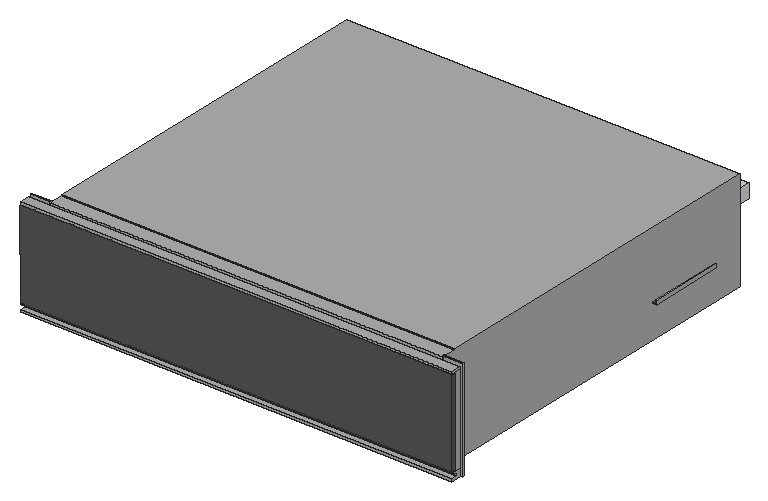
Revit family "FP-Revit20-en-VB24SMB1-VacuumDrawer-0-90003700-US-CA", category Generic Models, Revit 2020
Family settings
  Can host rebar = No
  Round Connector Dimension = Use Diameter
  Part Type = Normal
  Work Plane-Based = No
  Always vertical = Yes
  Cut with Voids When Loaded = No
  Shared = No
  Room Calculation Point = No
Parameters (values of type "VB24SMB1")
  URL = "www.fisherpaykel.com"
  Product - Overall width = 596 mm  # constant formula
  Product - Overall depth = 565 mm  # constant formula
  Product - Overall Height = 140 mm  # constant formula
  Model = "VB24SMB1"
  Material - Chassis = Fisher & Paykel - Aluminium
  Manufacturer = "Fisher & Paykel Appliances"
  Material - Glass = Fisher & Paykel - Glass, Black
  Description = "Vacuum Drawer, 24\""
  Default Elevation = 0 mm
  Connector Note = "220-240 V, 50 Hz, 10 A"
  Chassis - width (includes side brackets) = 556 mm  # constant formula
  Chassis - Depth (including power plug, excluding flange) = 545 mm  # constant formula
  Chassis - Depth = 546 mm  # constant formula
  Cavity - Minimum width = 560 mm  # constant formula
  Cavity - Minimum Height = 142 mm  # constant formula
  Cavity - Minimum Depth = 550 mm  # constant formula
Reference planes
  plane 1 "Center (Front/Back)": y = 0
  plane 2: z = 0
  plane 3 "Center (Left/Right)": x = 0
  plane 4 "Chassis LHS": x = -278
  plane 5 "Chassis RHS": x = 278
  plane 6 "Chassis Depth": y = 545
  plane 7 "Cavity LHS": x = -280
  plane 8 "Cavity RHS": x = 280
  plane 9 "Cavity Depth": y = 550
  plane 10 "Cavity Height": z = 142
  plane 11 "Product Height": z = 140
  plane 12: x = -298
  plane 13: x = 298
  plane 14: y = 510
  plane 15: x = -271
  plane 16: x = 271
  plane 17: y = 358
  plane 18: y = -20
  plane 19: y = 460
  plane 20: y = -433.9
Forms (mm)
  Extrusion 1, solid, material "Fisher & Paykel - Aluminium" <- "Material - Chassis"
    sketch origin (278, 0, 0) x (0, -1, 0) y (0, 0, 1)
      loop
        line (2, 139) -> (-18, 139) -> (-18, 140) -> (-510, 140) -> (-510, 0) -> (2, 0) -> (2, 139)
    from 7 to 549
  Extrusion 2, solid, material "Fisher & Paykel - Aluminium" <- "Material - Chassis"
    sketch origin (0, 0, 0) x (1, 0, 0) y (0, 1, 0)
      loop
        line (271, 0) -> (271, -2) -> (298, -2) -> (298, 0) -> (271, 0)
      loop
        line (-271, 0) -> (-298, 0) -> (-298, -2) -> (-271, -2) -> (-271, 0)
    from 0 to 140
  Extrusion 3, solid, material "Fisher & Paykel - Aluminium" <- "Material - Chassis"
    sketch origin (298, -1524, 425.869) x (0, 0, 1) y (0, 1, 0)
      loop
        line (-414.269, 1518) -> (-414.269, 1508.1) -> (-290.869, 1508.1) -> (-290.869, 1518) -> (-414.269, 1518)
    from 0.5 to 595.5
  Extrusion 4, solid, material "Fisher & Paykel - Aluminium" <- "Material - Chassis"
    sketch origin (298, -1524, 425.869) x (0, 0, 1) y (0, 1, 0)
      loop
        line (-287.869, 1504.1) -> (-287.869, 1518) -> (-290.869, 1518) -> (-290.869, 1504.1) -> (-287.869, 1504.1)
    from 0 to 596
  Extrusion 5, solid, material "Fisher & Paykel - Aluminium" <- "Material - Chassis"
    sketch origin (298, -1524, 425.869) x (0, 0, 1) y (0, 1, 0)
      loop
        line (-417.269, 1509.4) -> (-414.269, 1505.774) -> (-414.269, 1518) -> (-423.869, 1518) -> (-423.869, 1504.1) -> (-420.869, 1504.1) -> (-420.869, 1513) -> (-417.269, 1513) -> (-417.269, 1509.4)
    from 0 to 596
  Extrusion 6, solid, material "Fisher & Paykel - Glass, Black" <- "Material - Glass"
    sketch origin (0, 0, 0) x (1, 0, 0) y (0, 0, 1)
      loop
        line (296, 11.6) -> (298, 13.6) -> (298, 133.6) -> (296.6, 135) -> (0, 135) -> (-296.6, 135) -> (-298, 133.6) -> (-298, 13.6) -> (-296, 11.6) -> (0, 11.6) -> (296, 11.6)
    from 15.9 to 19.9
  Extrusion 7, solid
    sketch origin (7, 510, 1200) x (1, 0, 0) y (0, 0, 1)
      loop
        line (248, -1092) -> (223, -1092) -> (223, -1111) -> (248, -1111) -> (248, -1092)
    from -35 to 0
  Extrusion 8, solid
    sketch origin (230, 510, 108) x (0, 0, -1) y (0, -1, 0)
      loop
        circle (9.5, -26) r 7.931
    from 0 to 40
  Extrusion 9, void, detail levels coarse
    sketch origin (0, 0, 0) x (1, 0, 0) y (0, 1, 0)
      loop
        line (280, 550) -> (-280, 550) -> (-280, 0) -> (280, 0) -> (280, 550)
    from 0 to 142
  Extrusion 10, void
    sketch origin (0, 0, 0) x (1, 0, 0) y (0, 0, 1)
      loop
        line (-264.5, 5) -> (264.5, 5) -> (264.5, 119) -> (-264.5, 119) -> (-264.5, 5)
    from -2.075 to 2
  Extrusion 11, solid, material "Fisher & Paykel - Aluminium" <- "Material - Chassis"
    sketch origin (0, 0, 0) x (1, 0, 0) y (0, 0, 1)
      loop
        line (265.5, 5) -> (265.5, 120) -> (-265.5, 120) -> (-265.5, 5) -> (265.5, 5)
    from 2 to 6
  Extrusion 12, solid
    sketch origin (278, 510, 140) x (0, 0, -1) y (-1, 0, 0)
      loop
        circle (67, 398) r 22.378
    from 0 to 18
  Extrusion 13, solid, material "Fisher & Paykel - Aluminium" <- "Material - Chassis"
    sketch origin (-276.5, 358, 1200) x (-1, 0, 0) y (0, 0, 1)
      loop
        line (-547.5, -1151) -> (-553.5, -1151) -> (-553.5, -1147) -> (-554.5, -1147) -> (-554.5, -1152) -> (-547.5, -1152) -> (-547.5, -1151)
      loop
        line (-5.5, -1151) -> (-5.5, -1152) -> (1.5, -1152) -> (1.5, -1147) -> (0.5, -1147) -> (0.5, -1151) -> (-5.5, -1151)
    from 0 to 102
  Extrusion 14, solid, material "Fisher & Paykel - Clearance Required", detail levels coarse
    sketch origin (0, 0, 0) x (1, 0, 0) y (0, 1, 0)
      loop
        line (-298, -20) -> (-298, -433.9) -> (298, -433.9) -> (298, -20) -> (-298, -20)
    from 2 to 138
Cuts and joins
  Extrusion 10 cuts Extrusion 1
  Extrusion 10 cuts Extrusion 3
  Extrusion 10 cuts Extrusion 5
  Extrusion 10 cuts Extrusion 6
Dimensions and locks
  equal spacing: plane 4 "Chassis LHS", plane 3 "Center (Left/Right)", plane 5 "Chassis RHS", locked at 278 each
  "Chassis - width (includes side brackets)": plane 4 "Chassis LHS" to plane 5 "Chassis RHS"
  "Cavity - Minimum width": plane 7 "Cavity LHS" to plane 8 "Cavity RHS"
  "Cavity - Minimum Depth": plane 9 "Cavity Depth" to plane 1 "Center (Front/Back)"
  "Cavity - Minimum Height": plane 10 "Cavity Height" to level
  "Product - Overall Height": plane 11 "Product Height" to level
  equal spacing: plane 13, plane 3 "Center (Left/Right)", plane 12, locked at 298 each
  "Product - Overall width": plane 12 to plane 13
  "Chassis - Depth (including power plug, excluding flange)": plane 1 "Center (Front/Back)" to plane 6 "Chassis Depth"
  Extrusion 1 to Extrusion 7 = 35 mm
  locked: Extrusion 7 to Extrusion 7 at 19
  locked: Extrusion 8 to Extrusion 7 at 40
  "Product - Overall depth": plane 18 to plane 6 "Chassis Depth"
  locked: cut or joined group of Extrusion 5, Extrusion 10 to Extrusion 4 at 136
  locked: plane 1 "Center (Front/Back)" to plane 17 at 358
  locked: plane 17 to plane 19 at 102
  locked: plane 17 to plane 1 "Center (Front/Back)" at 358
  aligned and locked: level to plane 2
  aligned and locked: plane 11 "Product Height" to Extrusion 1 sketch curve
  aligned and locked: level to Extrusion 1 sketch curve
  aligned and locked: plane 13 to Extrusion 2 sketch curve
  aligned and locked: Extrusion 6 sketch curve to plane 13
  aligned and locked: Extrusion 9 sketch curve to plane 9 "Cavity Depth"
  aligned and locked: Extrusion 9 sketch curve to plane 1 "Center (Front/Back)"
  aligned and locked: plane 10 "Cavity Height" to Extrusion 9
  aligned and locked: Extrusion 7 to Extrusion 1
  aligned and locked: Extrusion 8 to Extrusion 7
  aligned and locked: plane 14 to Extrusion 7
  aligned and locked: cut or joined group of Extrusion 5, Extrusion 10 to Extrusion 11 sketch curve
  aligned and locked: Extrusion 2 to Extrusion 11
  aligned and locked: Extrusion 11 to Extrusion 4
  aligned and locked: Extrusion 1 to plane 15
  aligned and locked: Extrusion 1 to plane 16
  aligned and locked: Extrusion 7 to plane 6 "Chassis Depth"
  aligned and locked: Extrusion 12 to cut or joined group of Extrusion 1, Extrusion 10
  aligned and locked: cut or joined group of Extrusion 1, Extrusion 10 to Extrusion 13 sketch curve
  aligned and locked: Extrusion 13 to cut or joined group of Extrusion 1, Extrusion 10
  aligned and locked: plane 19 to Extrusion 13
  aligned and locked: Extrusion 9 sketch curve to plane 7 "Cavity LHS"
  aligned and locked: Extrusion 2 to cut or joined group of Extrusion 1, Extrusion 10
  aligned and locked: Extrusion 2 sketch curve to cut or joined group of Extrusion 1, Extrusion 10
  aligned and locked: plane 1 "Center (Front/Back)" to Extrusion 2 sketch curve
  aligned and locked: Extrusion 13 to plane 17
  aligned and locked: Extrusion 14 sketch curve to plane 12
  aligned and locked: Extrusion 14 sketch curve to plane 18
  aligned and locked: plane 13 to Extrusion 14 sketch curve
  aligned and locked: Extrusion 14 sketch curve to plane 20
  aligned and locked: Extrusion 14 to cut or joined group of Extrusion 5, Extrusion 10
  aligned and locked: Extrusion 4 to Extrusion 14
Automatic sketch dimensions
  plane 1 "Center (Front/Back)" to Extrusion 1 sketch curve = 2 mm
  Extrusion 1 sketch curve to plane 11 "Product Height" = 1 mm
  Extrusion 1 sketch curve to plane 1 "Center (Front/Back)" = 18 mm
  Extrusion 3 sketch curve to plane 1 "Center (Front/Back)" = 6 mm
  Extrusion 6 sketch curve to plane 12 = 0 mm
  plane 12 to Extrusion 6 sketch curve = 1.4 mm
  plane 12 to Extrusion 6 sketch curve = 2 mm
  plane 3 "Center (Left/Right)" to Extrusion 6 sketch curve = 0 mm  (x2)
  plane 13 to Extrusion 6 sketch curve = 1.4 mm
  Extrusion 6 sketch curve to Extrusion 6 sketch curve = 2 mm  (x2)
  Extrusion 6 sketch curve to Extrusion 6 sketch curve = 1.4 mm  (x2)
  Extrusion 8 sketch curve to Extrusion 7 = 9.5 mm
  Extrusion 7 to Extrusion 8 sketch curve = 9 mm
  Extrusion 1 sketch curve to plane 14 = 0 mm
  Extrusion 3 sketch curve to level = 11.6 mm
  plane 11 "Product Height" to Extrusion 3 sketch curve = 5 mm
  Extrusion 3 sketch curve to Extrusion 3 sketch curve = 9.9 mm
  plane 11 "Product Height" to Extrusion 4 sketch curve = 5 mm
  plane 11 "Product Height" to Extrusion 4 sketch curve = 2 mm
  Extrusion 4 sketch curve to plane 1 "Center (Front/Back)" = 6 mm
  Extrusion 4 sketch curve to Extrusion 4 sketch curve = 13.9 mm
  Extrusion 5 sketch curve to level = 2 mm
  Extrusion 5 sketch curve to Extrusion 5 sketch curve = 3 mm  (x2)
  Extrusion 5 sketch curve to Extrusion 5 sketch curve = 3.6 mm  (x2)
  Extrusion 5 sketch curve to plane 1 "Center (Front/Back)" = 6 mm
  Extrusion 5 sketch curve to Extrusion 5 sketch curve = 5 mm
  Extrusion 5 sketch curve to Extrusion 5 sketch curve = 3.626 mm
  Extrusion 5 sketch curve to Extrusion 5 sketch curve = 5.3 mm
  plane 13 to Extrusion 6 sketch curve = 2 mm
  level to Extrusion 6 sketch curve = 11.6 mm
  Extrusion 6 sketch curve to plane 11 "Product Height" = 6.4 mm
  Extrusion 10 sketch curve to plane 11 "Product Height" = 21 mm
  level to Extrusion 10 sketch curve = 5 mm
  Extrusion 10 sketch curve to plane 4 "Chassis LHS" = 13.5 mm
  plane 5 "Chassis RHS" to Extrusion 10 sketch curve = 13.5 mm
  plane 5 "Chassis RHS" to Extrusion 11 sketch curve = 12.5 mm
  Extrusion 11 sketch curve to plane 4 "Chassis LHS" = 12.5 mm
  Extrusion 11 sketch curve to plane 11 "Product Height" = 20 mm
  Extrusion 7 sketch curve to plane 16 = 16 mm
  Extrusion 7 sketch curve to Extrusion 7 sketch curve = 19 mm
  Extrusion 1 to Extrusion 12 sketch curve = 67 mm
  Extrusion 1 to Extrusion 12 sketch curve = 151 mm
  Extrusion 7 sketch curve to Extrusion 7 sketch curve = 25 mm
  Extrusion 7 sketch curve to plane 11 "Product Height" = 51 mm
  Extrusion 13 sketch curve to plane 15 = 0 mm
  plane 8 "Cavity RHS" to Extrusion 13 sketch curve = 3 mm
  Extrusion 13 sketch curve to Extrusion 13 sketch curve = 1 mm  (x4)
  plane 7 "Cavity LHS" to Extrusion 13 sketch curve = 3 mm
  level to Extrusion 13 sketch curve = 48 mm  (x2)
  Extrusion 13 sketch curve to Extrusion 13 sketch curve = 4 mm  (x2)
  Extrusion 9 sketch curve to plane 8 "Cavity RHS" = 0 mm
  plane 1 "Center (Front/Back)" to Extrusion 2 sketch curve = 0 mm
  Extrusion 2 sketch curve to plane 12 = 0 mm
  Extrusion 2 sketch curve to plane 15 = 0 mm
  Extrusion 2 sketch curve to Extrusion 2 sketch curve = 2 mm
  plane 1 "Center (Front/Back)" to Extrusion 2 sketch curve = 2 mm
  Extrusion 14 sketch curve to plane 12 = 0 mm
  radius of Extrusion 8 sketch curve = 7.931 mm
  radius of Extrusion 12 sketch curve = 22.378 mm
Connectors
  electrical at (190, 536, 98.5), driven by "Connector Note"
    settings: on Extrusion 8, index 1, voltage 0 V, apparent load 0 VA, apparent load phase1 0 VA, apparent load phase2 0 VA, apparent load phase3 0 VA, power factor 1, load classification "Other", number of poles 1, system type 31, power factor state 1, is connector primary yes, connector utility no, sub classification motor no, connector description "220-240 V, 50 Hz, 10 A"
